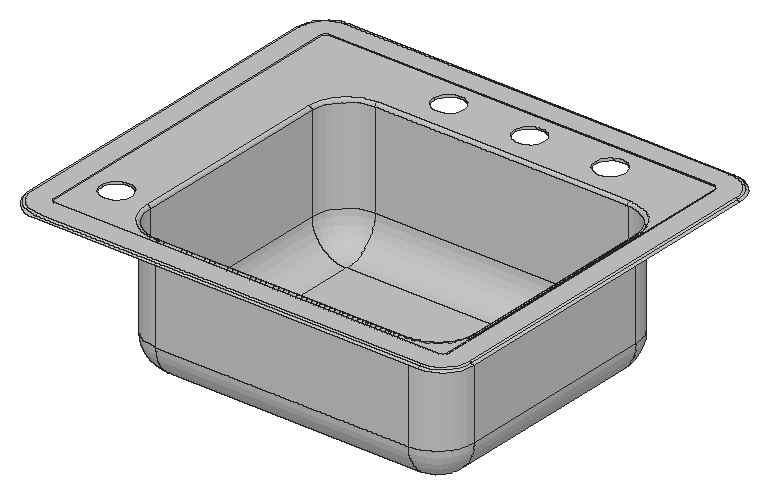
Revit family "Sink-Topmount-Acorn-CDADALB-2220-45,55,65_Series", category Plumbing Fixtures, host Face, Revit 2019
Family settings
  Host = Face
  Round Connector Dimension = Use Diameter
  Part Type = Normal
  OmniClass Number = 23.45.05.14.14
  OmniClass Title = Sinks/Lavatories
  Cut with Voids When Loaded = No
  Shared = Yes
  Room Calculation Point = No
Parameters (values of type "CDADALB-2220-65-3")
  cUPC Compliant = yes
  Width = 22"  # constant formula
  Waste Connection = no
  WFU = 4  # constant formula
  Vent Connection = no
  URL = "https://www.acorneng.com/home"
  Type Comments = "Back and Left Faucet Ledge"  # constant formula
  Right Faucet Hole Distance = 4"
  Right Faucet Hole Depth = 2"
  Revised Date = "11/21/2024"  # constant formula
  Product Page URL = "https://www.acorneng.com/acorn-sinks-faucet-ledge-cdadalb-2220"
  Product Documentation Link = "https://www.acorneng.com/uploads/fileLibrary/CDADALB-2220_pkt.pdf"
  Model = "CDADALB-2220-65-3"
  Material = "Stainless Steel-Acorn-Satin"  # constant formula
  Manufacturer = "Acorn"
  Length = 19 1/2"  # constant formula
  Left Faucet Hole Distance = 4"
  Left Faucet Hole Depth = 2"
  Installation Type = "Wall Mounted"
  Height = 6 1/2"
  HWFU = 3  # constant formula
  HW Connection = no
  Finish = Stainless Steel-Acorn-Satin
  Drain Opening Size = 3 1/2"
  Description = "Stainless Steel Drop In Sink"
  Default Elevation = 34"
  Deck Hole Punching Depth = 2"
  Creation Date = "23/12/2023"  # constant formula
  Compliance Certifications = "ASME A112.19.3/CSA B45.4, IAPMO® Certified"
  Central Faucet Hole Depth = 2"
  CWFU = 3  # constant formula
  CW Connection = no
  Bowl Width = 16"  # constant formula
  Bowl Length = 13 1/2"  # constant formula
  Assembly Code = "D2010440"
  ADA Compliant = yes
  -3 3 Holes on 4” Centers (8” Centerset) = yes
  -1 Single Hole Centered = no
  -0 Blank, No Deck Punching = no
  -2 2 Holes on 4” Centers (4” Centerset) = no
Types (13): name | Right Faucet Hole Distance | Right Faucet Hole Depth | Model | Left Faucet Hole Distance | Left Faucet Hole Depth | Height | Deck Hole Punching Depth | Central Faucet Hole Depth | -3 3 Holes on 4” Centers (8” Centerset) | -1 Single Hole Centered | -0 Blank, No Deck Punching | -2 2 Holes on 4” Centers (4” Centerset)
  (no name) | 4" | 2" | "CDADALB-2220-65-3" | 4" | 2" | 6 1/2" | 2" | 2" | yes | no | no | no
  CDADALB-2220-55-0 | 4" | 1" | "CDADALB-2220-55-0" | 4" | 1" | 5 1/2" | 1" | 1" | no | no | yes | no
  CDADALB-2220-55-1 | 4" | 1" | "CDADALB-2220-55-1" | 4" | 1" | 5 1/2" | 2" | 2" | no | yes | no | no
  CDADALB-2220-55-2 | 2" | 2" | "CDADALB-2220-55-2" | 2" | 2" | 5 1/2" | 2" | 1" | no | no | no | yes
  CDADALB-2220-55-3 | 4" | 2" | "CDADALB-2220-55-3" | 4" | 2" | 5 1/2" | 2" | 2" | yes | no | no | no
  CDADALB-2220-45-0 | 4" | 1" | "CDADALB-2220-45-0" | 4" | 1" | 4 1/2" | 1" | 1" | no | no | yes | no
  CDADALB-2220-45-1 | 4" | 1" | "CDADALB-2220-45-1" | 4" | 1" | 4 1/2" | 2" | 2" | no | yes | no | no
  CDADALB-2220-45-2 | 2" | 2" | "CDADALB-2220-45-2" | 2" | 2" | 4 1/2" | 2" | 1" | no | no | no | yes
  CDADALB-2220-45-3 | 4" | 2" | "CDADALB-2220-45-3" | 4" | 2" | 4 1/2" | 2" | 2" | yes | no | no | no
  CDADALB-2220-65-0 | 4" | 1" | "CDADALB-2220-65-0" | 4" | 1" | 6 1/2" | 1" | 1" | no | no | yes | no
  CDADALB-2220-65-1 | 4" | 1" | "CDADALB-2220-65-1" | 4" | 1" | 6 1/2" | 2" | 2" | no | yes | no | no
  CDADALB-2220-65-2 | 2" | 2" | "CDADALB-2220-65-2" | 2" | 2" | 6 1/2" | 2" | 1" | no | no | no | yes
  CDADALB-2220-65-3 | 4" | 2" | "CDADALB-2220-65-3" | 4" | 2" | 6 1/2" | 2" | 2" | yes | no | no | no
Reference planes (in)
  plane 1 "Center (Front/Back)": y = 0
  plane 2: z = 0
  plane 3 "Center (Left/Right)": x = 0
  plane 4: z = -6.5
  plane 5: z = 2
  plane 6: z = 0
  plane 7: z = 0
  plane 8: z = 0
  plane 9: x = 4
  plane 10: x = -4
  plane 11: x = -12.5
  plane 12: x = 9.5
  plane 13: y = -17.875
  plane 14: y = -2.625
  plane 15: y = -4.375
  plane 16: y = -11.125
  plane 17: z = -6.4375
  plane 18: y = -19.5
  plane 19: x = 8
  plane 20: x = -8
  plane 21: x = -9.75
  plane 22: y = -16
Forms (in)
  Extrusion 1, solid, material "Stainless Steel-Acorn-Satin" <- "Finish"
    sketch origin (-18.07586, 1.04906, -0.59717) x (1, 0, 0) y (0, 1, 0)
      loop
        circle (18.07586, -12.17406) r 1.75
      loop
        arc (24.38836, -7.17406) -> (24.37008, -7.12992) -> (24.32594, -7.11164) r 0.06242
        line (24.32594, -7.11164) -> (11.82586, -7.11164)
        arc (11.82586, -7.11164) -> (11.78172, -7.12992) -> (11.76344, -7.17406) r 0.06242
        line (11.76344, -7.17406) -> (11.76344, -17.17406)
        arc (11.76344, -17.17406) -> (11.78172, -17.21819) -> (11.82586, -17.23647) r 0.06242
        line (11.82586, -17.23647) -> (24.32594, -17.23647)
        arc (24.32594, -17.23647) -> (24.37008, -17.21819) -> (24.38836, -17.17406) r 0.06242
        line (24.38836, -17.17406) -> (24.38836, -7.17406)
    from -5.90283 to -5.84033
  Sweep 2, solid, material "Stainless Steel-Acorn-Satin" <- "Finish"
    path origin (0.50008, 0.25, 0) x (1, 0, 0) y (0, 1, 0)
      loop
        line (-8.50008, -6.375) -> (-8.50008, -16.375)
        arc (-8.50008, -16.375) -> (-7.98752, -17.61244) -> (-6.75008, -18.125) r 1.75
        line (-6.75008, -18.125) -> (5.75, -18.125)
        arc (5.75, -18.125) -> (6.98744, -17.61244) -> (7.5, -16.375) r 1.75
        line (7.5, -16.375) -> (7.5, -6.375)
        arc (7.5, -6.375) -> (6.98744, -5.13756) -> (5.75, -4.625) r 1.75
        line (5.75, -4.625) -> (-6.75008, -4.625)
        arc (-6.75008, -4.625) -> (-7.98752, -5.13756) -> (-8.50008, -6.375) r 1.75
    profile origin (-8, -11.125, 0) x (1, 0, 0) y (0, 0, 1)
      loop
        line (-0.15271, 0.09698) -> (-0.21339, 0.09698) -> (-0.21339, 0) -> (-0.11121, 0)
        arc (-0.11121, 0) -> (-0.07671, -0.01429) -> (-0.06242, -0.0488) r 0.0488
        line (-0.06242, -0.0488) -> (-0.06242, -4.75)
        arc (-0.06242, -4.75) -> (0.45015, -5.98744) -> (1.68758, -6.5) r 1.75
        line (1.68758, -6.5) -> (1.68758, -6.4375)
        arc (1.68758, -6.4375) -> (0.49434, -5.94324) -> (0.00008, -4.75) r 1.6875
        line (0.00008, -4.75) -> (0.00008, -0.05581)
        arc (0.00008, -0.05581) -> (-0.04467, 0.05223) -> (-0.15271, 0.09698) r 0.15279
  Extrusion 3, solid, material "Stainless Steel-Acorn-Satin" <- "Finish"
    sketch origin (0, 0.25, 0) x (1, 0, 0) y (0, 1, 0)
      loop
        line (6.25008, -4.41161) -> (-6.25, -4.41161)
        arc (-6.25, -4.41161) -> (-7.63833, -4.98667) -> (-8.21339, -6.375) r 1.96339
        line (-8.21339, -6.375) -> (-8.21339, -16.375)
        arc (-8.21339, -16.375) -> (-7.63833, -17.76333) -> (-6.25, -18.33839) r 1.96339
        line (-6.25, -18.33839) -> (6.25008, -18.33839)
        arc (6.25008, -18.33839) -> (7.63841, -17.76333) -> (8.21347, -16.375) r 1.96339
        line (8.21347, -16.375) -> (8.21347, -6.375)
        arc (8.21347, -6.375) -> (7.63841, -4.98667) -> (6.25008, -4.41161) r 1.96339
      loop
        arc (-11, -1.5) -> (-11.17678, -1.57322) -> (-11.25, -1.75) r 0.25
        line (-11.25, -1.75) -> (-11.25, -18.25)
        arc (-11.25, -18.25) -> (-11.17678, -18.42678) -> (-11, -18.5) r 0.25
        line (-11, -18.5) -> (8, -18.5)
        arc (8, -18.5) -> (8.17678, -18.42678) -> (8.25, -18.25) r 0.25
        line (8.25, -18.25) -> (8.25, -1.75)
        arc (8.25, -1.75) -> (8.17678, -1.57322) -> (8, -1.5) r 0.25
        line (8, -1.5) -> (-11, -1.5)
    from 0 to 0.09698
  Extrusion 4, void
    sketch origin (0, 0, 0) x (1, 0, 0) y (0, 1, 0)
      loop
        line (-12.5, -1.5) -> (-12.5, -18)
        arc (-12.5, -18) -> (-12.06066, -19.06066) -> (-11, -19.5) r 1.5
        line (-11, -19.5) -> (8, -19.5)
        arc (8, -19.5) -> (9.06066, -19.06066) -> (9.5, -18) r 1.5
        line (9.5, -18) -> (9.5, -1.5)
        arc (9.5, -1.5) -> (9.06066, -0.43934) -> (8, 0) r 1.5
        line (8, 0) -> (-11, 0)
        arc (-11, 0) -> (-12.06066, -0.43934) -> (-12.5, -1.5) r 1.5
    from -21.11575 to 12
  Extrusion 5, void
    sketch origin (0, 0, 0) x (1, 0, 0) y (0, 1, 0)
      loop
        circle (-4, -2.625) r 0.75
    from 0 to 2
  Extrusion 6, void
    sketch origin (2, 0, 0) x (1, 0, 0) y (0, 1, 0)
      loop
        circle (-2, -2.625) r 0.75
    from 0 to 2
  Extrusion 7, void
    sketch origin (4, 0, 0) x (1, 0, 0) y (0, 1, 0)
      loop
        circle (0, -2.625) r 0.75
    from 0 to 2
  Extrusion 8, void
    sketch origin (0, 0, 0) x (1, 0, 0) y (0, 1, 0)
      loop
        circle (-9.75, -16) r 0.75
    from 0 to 2
  Sweep 9, solid, material "Stainless Steel-Acorn-Satin" <- "Finish"
    path origin (-0.24047, 0, 0) x (1, 0, 0) y (0, 1, 0)
      loop
        arc (-10.75953, 0) -> (-11.82019, -0.43934) -> (-12.25953, -1.5) r 1.5
        line (-12.25953, -1.5) -> (-12.25953, -18)
        arc (-12.25953, -18) -> (-11.82019, -19.06066) -> (-10.75953, -19.5) r 1.5
        line (-10.75953, -19.5) -> (8.24047, -19.5)
        arc (8.24047, -19.5) -> (9.30113, -19.06066) -> (9.74047, -18) r 1.5
        line (9.74047, -18) -> (9.74047, -1.5)
        arc (9.74047, -1.5) -> (9.30113, -0.43934) -> (8.24047, 0) r 1.5
        line (8.24047, 0) -> (-10.75953, 0)
    profile origin (-1.5, 0, 0) x (0, 1, 0) y (0, 0, 1)
      loop
        line (-0.00024, 0) -> (-0.08808, 0.07113)
        arc (-0.08808, 0.07113) -> (-0.14336, 0.10209) -> (-0.20581, 0.11282) r 0.18708
        line (-0.20581, 0.11282) -> (-1.25, 0.11282) -> (-1.25, 0) -> (-0.00024, 0)
Cuts and joins
  Extrusion 5, Extrusion 6, Extrusion 7, Extrusion 8 cuts Extrusion 1
  Extrusion 5, Extrusion 6, Extrusion 7, Extrusion 8 cuts Sweep 2
  Extrusion 5, Extrusion 6, Extrusion 7, Extrusion 8 cuts Extrusion 3
  joined: Extrusion 1, Sweep 2, Extrusion 3
Dimensions and locks (in)
  host face to plane 4 = 6 1/2"
  "Left Faucet Hole Depth": plane 5 to plane 6
  "Right Faucet Hole Depth": plane 5 to plane 8
  "Central Faucet Hole Depth": plane 5 to plane 7
  "Right Faucet Hole Distance": plane 3 "Center (Left/Right)" to plane 9
  "Left Faucet Hole Distance": plane 10 to plane 3 "Center (Left/Right)"
  "Width": plane 11 to plane 12
  plane 15 to plane 16 = 6 3/4"
  locked: plane 17 to plane 4 at 0.0625
  "Height": level to plane 4
  "Height": level to Sweep 2 sketch curve
  locked: Sweep 2 sketch curve to Sweep 2 sketch curve at 0.0625
  plane 3 "Center (Left/Right)" to plane 12 = 9 1/2"
  locked: plane 14 to plane 15 at 1.75
  "Bowl Length": plane 15 to plane 13
  "Length": plane 18 to plane 1 "Center (Front/Back)"
  plane 19 to plane 12 = 1 1/2"
  "Bowl Width": plane 20 to plane 19
  plane 13 to plane 18 = 1 5/8"
  plane 22 to plane 13 = 1 7/8"
  plane 21 to plane 20 = 1 3/4"
  "Deck Hole Punching Depth": plane 5 to Extrusion 8
  diameter of Extrusion 8 sketch curve = 1 1/2"
  aligned and locked: host face to plane 2
  aligned and locked: host face to level
  aligned and locked: plane 5 to Extrusion 5
  aligned and locked: plane 3 "Center (Left/Right)" to Extrusion 6 sketch curve
  aligned and locked: Extrusion 5 to plane 6
  aligned and locked: Extrusion 6 to plane 7
  aligned and locked: plane 8 to Extrusion 7
  aligned and locked: plane 10 to Extrusion 5 sketch curve
  aligned and locked: Extrusion 7 sketch curve to plane 9
  aligned and locked: plane 14 to Extrusion 5 sketch curve
  aligned and locked: plane 14 to Extrusion 6 sketch curve
  aligned and locked: plane 14 to Extrusion 7 sketch curve
  aligned and locked: plane 16 to Extrusion 1 sketch curve
  aligned and locked: plane 3 "Center (Left/Right)" to Extrusion 1 sketch curve
  aligned and locked: plane 21 to Extrusion 8 sketch curve
  aligned and locked: plane 22 to Extrusion 8 sketch curve
  aligned and locked: plane 12 to Sweep 9 sketch curve
  aligned and locked: plane 11 to Sweep 9 sketch curve
  aligned and locked: plane 1 "Center (Front/Back)" to Sweep 9 sketch curve
  aligned and locked: plane 18 to Sweep 9 sketch curve
  aligned and locked: Extrusion 3 sketch curve to Sweep 9  (x4)
  aligned and locked: cut or joined group of Extrusion 1, Sweep 2, Extrusion 3, Extrusion 5, Extrusion 6, Extrusion 7, Extrusion 8 to plane 4
  aligned and locked: cut or joined group of Extrusion 1, Sweep 2, Extrusion 3, Extrusion 5, Extrusion 6, Extrusion 7, Extrusion 8 to plane 17
  aligned and locked: plane 5 to Extrusion 8
Automatic sketch dimensions
  host sketch curve to host sketch curve = 161.60125"
  host sketch curve to host sketch curve = 96"
  plane 20 to Extrusion 1 sketch curve = 1 3/4"  (x2)
  Extrusion 1 sketch curve to plane 22 = 1/8"
  Extrusion 1 sketch curve to Extrusion 1 sketch curve = 0.06242"  (x2)
  Extrusion 1 sketch curve to plane 19 = 1.74992"  (x2)
  Extrusion 1 sketch curve to plane 15 = 1 3/4"
  Sweep 2 sketch curve to plane 20 = 0"
  Sweep 2 sketch curve to plane 15 = 0"
  Sweep 2 sketch curve to plane 13 = 0"
  Sweep 2 sketch curve to plane 22 = 1/8"
  plane 20 to Sweep 2 sketch curve = 1 3/4"
  Sweep 2 sketch curve to plane 19 = 1.74992"  (x2)
  plane 19 to Sweep 2 sketch curve = 0.00008"
  Sweep 2 sketch curve to Sweep 2 sketch curve = 0"  (x2)
  Sweep 2 sketch curve to profile plane = 0"
  profile plane to Sweep 2 sketch curve = 0.09698"
  profile plane to Sweep 2 sketch curve = 0.21339"
  Sweep 2 sketch curve to Sweep 2 sketch curve = 0.06068"
  Sweep 2 sketch curve to Sweep 2 sketch curve = 0.0415"
  profile plane to Sweep 2 sketch curve = 0.06242"
  Sweep 2 sketch curve to Sweep 2 sketch curve = 1 11/16"
  plane 15 to Extrusion 3 sketch curve = 0.21339"
  Extrusion 3 sketch curve to plane 19 = 1.74992"  (x2)
  Extrusion 3 sketch curve to plane 13 = 0.21339"
  Extrusion 3 sketch curve to plane 22 = 1/8"
  plane 20 to Extrusion 3 sketch curve = 1 3/4"  (x2)
  plane 19 to Extrusion 3 sketch curve = 0.21347"
  Extrusion 4 sketch curve to plane 11 = 0"
  Extrusion 4 sketch curve to plane 18 = 0"
  plane 1 "Center (Front/Back)" to Extrusion 4 sketch curve = 0"
  Extrusion 4 sketch curve to plane 19 = 0"  (x2)
  Extrusion 4 sketch curve to plane 12 = 0"
  Extrusion 4 sketch curve to plane 13 = 1/8"
  Extrusion 4 sketch curve to plane 21 = 1 1/4"
  Sweep 9 sketch curve to profile plane = 0"
  profile plane to Sweep 9 sketch curve = 1 1/4"
  profile plane to Sweep 9 sketch curve = 0.11282"
  profile plane to Sweep 9 sketch curve = 0.20581"
  profile plane to Sweep 9 sketch curve = 0.07113"
  profile plane to Sweep 9 sketch curve = 0.08808"
  profile plane to Sweep 9 sketch curve = 0.00024"
  Sweep 9 sketch curve to plane 19 = 0"  (x2)
  plane 14 to Sweep 9 sketch curve = 1 1/8"
  Sweep 9 sketch curve to plane 13 = 1/8"
  Extrusion 3 sketch curve to plane 19 = 0"  (x2)
  Extrusion 3 sketch curve to plane 21 = 1 1/4"
  Extrusion 3 sketch curve to Extrusion 3 sketch curve = 1/4"
  radius of Extrusion 1 sketch curve = 1 3/4"
  radius of Extrusion 5 sketch curve = 3/4"
  radius of Extrusion 6 sketch curve = 3/4"
  radius of Extrusion 7 sketch curve = 3/4"
